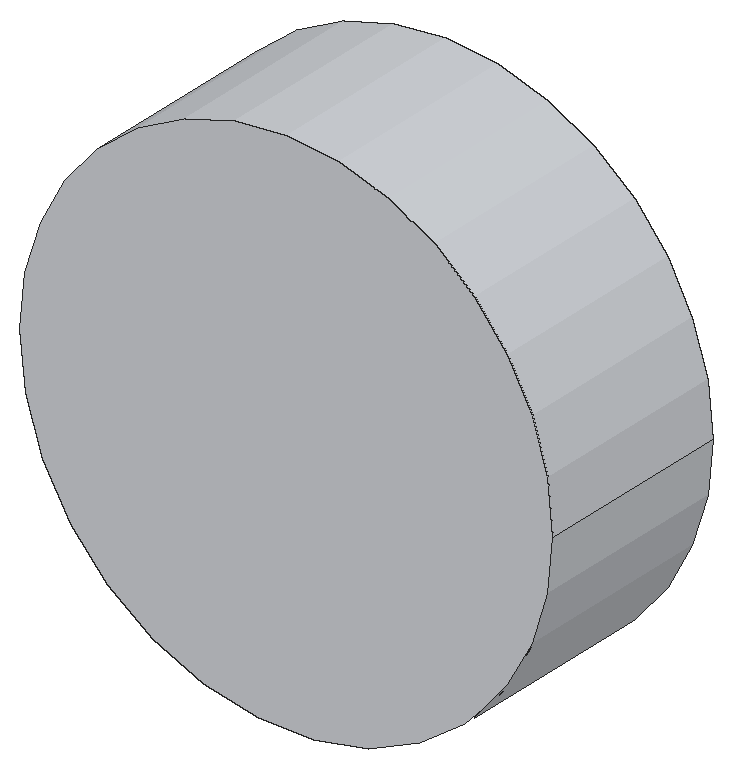
Revit family
Parameters
  Material = none
Reference planes
  plane 1 "Center (Front/Back)": y = 0
  plane 2: z = 0
  plane 3 "Center (Left/Right)": x = 0
  plane 4: x = -20
  plane 5: x = 20
  plane 6: x = 0
Forms (mm)
  Extrusion 1, solid, material <- "Material"
    sketch origin (0, 0, 0) x (1, 0, 0) y (0, 0, 1)
      loop
        circle (0, 0) r 20
    from 0 to 15
Dimensions and locks
  aligned and locked: plane 6 to plane 3 "Center (Left/Right)"
